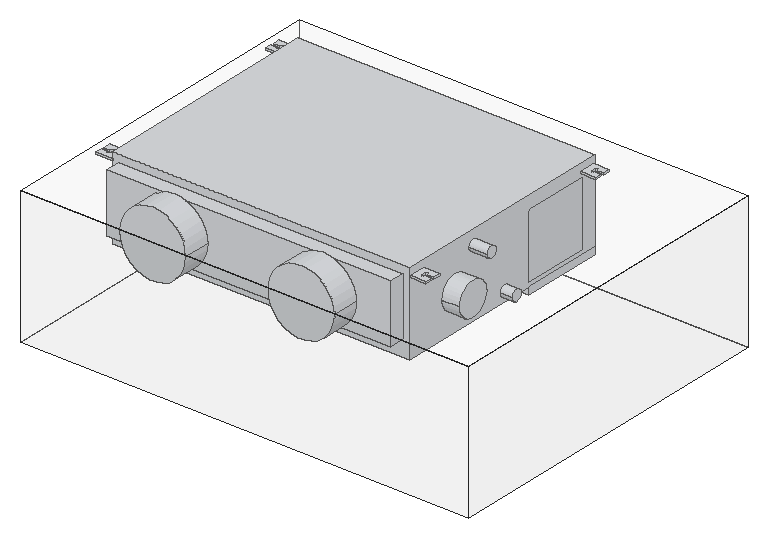
Revit family "pd-rp40_160ga21_50Hz", category 機械設備, Revit 2019
Family settings
  丸型コネクタ寸法 = 直径を使用
  パーツ タイプ = 標準
  OmniClass 番号 = 23.75.10.24.21.27.27
  OmniClass タイトル = Split System Air Conditioning Units
  作業面ベース = いいえ
  常に垂直 = はい
  ロード時にボイドで切り取り = いいえ
  共有 = いいえ
  部屋計算ポイント = はい
Parameters (values of type "PD-RP40GA21")
  騒音レベル（弱）(dB) = 52
  騒音レベル（中）(dB) = 55
  風量（弱）（m3／min） = 10
  風量（中）（m3／min） = 12
  風量（m3／min） = 14
  風量 = MAX風量  # 840.0 m³/h
  音響パワーレベル(dB) = 58
  電源種別 = ""
  電圧_電気ヒーター = 0 V
  電圧 = 200 V
  電動機出力_送風機 = 0.085 kW
  運転質量 = 0.00 kg
  連動 = ""
  質量 = if(製品質量 > 運転質量, 製品質量, 運転質量) * 1.2  # 34.80 kg
  負荷分類 = 3_ファン類
  説明 = "店舗・事務所用パッケージエアコン（Mr.SLIM） 天井ビルトイン形"
  設計暖房能力 [instance] = 0 kW
  設計冷房能力_顕熱 [instance] = 0 kW
  設計冷房能力 [instance] = 0 kW
  設置方法 = "天井吊（隠ぺい）形"
  記号 [instance] = ""
  製造元 = "三菱電機株式会社"
  製品質量 = 29.00 kg
  製品出荷対象 = "国内"
  製品リリース年月 = "2025/5/12"
  製品グループ = ""
  系統 [instance] = ""
  符号 = "PAC-CIS"
  積算_科目 = "1 空気調和設備"
  積算_拾い区分 [instance] = ""
  相_電気ヒーター = 1
  相 = 1
  盤記号 [instance] = ""
  発停方法 = ""
  特殊仕様 [instance] = ""
  火災停止 = ""
  消費電力_電気ヒーター = 0 kW
  消費電力_暖房 = 0.1 kW
  消費電力_加湿器 = 0 kW
  消費電力_冷房 = 0.1 kW
  消費電力 = if(消費電力_冷房 > 消費電力_暖房, 消費電力_冷房, 消費電力_暖房) + 消費電力_加湿器 + 消費電力_電気ヒーター  # 0.1 kW
  法定耐用年数 = "15"
  機外静圧 = 10.0 Pa
  極数 = 1
  材質 [instance] = ""
  有効加湿量 = 0
  暖房能力 = 4 kW
  形式_加湿器 = ""
  形式 = "天井吊（隠ぺい）形（片ダクト形）"
  幹線記号 [instance] = ""
  始動方式 = "直入"
  呼称 = "室内機_天井吊（隠ぺい）形（片ダクト形）"
  周波数 = 50 Hz
  台数_手元リモコン [instance] = ""
  台数_冷媒分岐ユニット [instance] = ""
  参照している仕様書等のバージョン = "公共建築工事標準仕様書（機械設備工事編）平成31年度版"
  加湿給水管径 = 0.00 mm
  分類コード = "50053003123050"
  分類グループ = ""
  冷房能力 = 3.6 kW
  冷媒高低圧ガス管径 = 0.00 mm
  冷媒管径符号 = "Ac"
  冷媒管径 = 100.00 mm
  冷媒液管径 = 6.35 mm
  冷媒ガス管径 = 12.70 mm
  価格 = 0
  企業コード = "108420"
  付属品_フィルター = ""
  付属品 [instance] = ""
  仕様書バージョン = "Version1.0"
  モデル = "PD-RP40GA21"
  パネル マテリアル = none
  ドレン管径 = 32.00 mm
  チャンバーボックス [instance] = yes
  ダクト高 = 178 mm
  ダクト幅 = 860 mm
  コメント [instance] = ""
  Keynote = ""
  Assembly Code = ""
  Width = 900 mm
  Version = ""
  Uniclass2015Version = "Systems v1.9"
  Uniclass2015Title = "Split coil remote air cooled condensing units"
  Uniclass2015Code = "Pr_70_65_03_84"
  URL = "https://www.mitsubishielectric.co.jp/ldg/wink/qr/002/338229/"
  SpecificationReference = ""
  SpecificationDescription = ""
  Revision = ""
  ProductInformation = ""
  OmniClassCode = "23-33 17 13 11"
  MIN風量 = 風量（弱）（m3／min） * 60.0 m³/h  # 600.0 m³/h
  MID風量 = 風量（中）（m3／min） * 60.0 m³/h  # 720.0 m³/h
  MAX風量 = 風量（m3／min） * 60.0 m³/h  # 840.0 m³/h
  IfcTypeProduct = ""
  IfcProduct = ""
  IfcExportType = "AIRCONDITIONINGUNIT"
  IfcExportAs = "IfcUnitaryEquipmentType"
  Height = 250 mm
  Depth = 701 mm
  Author = "三菱電機株式会社"
Types (9, lengths in mm): name | 騒音レベル（弱）(dB) | 騒音レベル（中）(dB) | 風量（弱）（m3／min） | 風量（中）（m3／min） | 風量（m3／min） | 風量 | 音響パワーレベル(dB) | 電動機出力_送風機 | 質量 | 製品質量 | 消費電力_暖房 | 消費電力_冷房 | 消費電力 | 暖房能力 | 冷房能力 | 冷媒管径符号 | 冷媒液管径 | 冷媒ガス管径 | モデル | ダクト幅 | Width | URL | MIN風量 | MID風量 | MAX風量
  PD-RP40GA21 | 52 | 55 | 10 | 12 | 14 | 840.0 m³/h | 58 | 0.085 kW | 34.80 kg | 29.00 kg | 0.1 kW | 0.1 kW | 0.1 kW | 4 kW | 3.6 kW | "Ac" | 6.35 | 12.70 | "PD-RP40GA21" | 860 | 900 | "https://www.mitsubishielectric.co.jp/ldg/wink/qr/002/338229/" | 600.0 m³/h | 720.0 m³/h | 840.0 m³/h
  PD-RP50GA21 | 53 | 55 | 10 | 12 | 14 | 840.0 m³/h | 59 | 0.085 kW | 34.80 kg | 29.00 kg | 0.1 kW | 0.1 kW | 0.1 kW | 5 kW | 4.5 kW | "Ac" | 6.35 | 12.70 | "PD-RP50GA21" | 860 | 900 | "https://www.mitsubishielectric.co.jp/ldg/wink/qr/002/338230/" | 600.0 m³/h | 720.0 m³/h | 840.0 m³/h
  PD-RP56GA21 | 53 | 56 | 10 | 12 | 14 | 840.0 m³/h | 59 | 0.085 kW | 34.80 kg | 29.00 kg | 0.1 kW | 0.1 kW | 0.1 kW | 5.6 kW | 5 kW | "Ac" | 6.35 | 12.70 | "PD-RP56GA21" | 860 | 900 | "https://www.mitsubishielectric.co.jp/ldg/wink/qr/002/338231/" | 600.0 m³/h | 720.0 m³/h | 840.0 m³/h
  PD-RP63GA21 | 54 | 57 | 13 | 16 | 19 | 1140.0 m³/h | 60 | 0.121 kW | 39.60 kg | 33.00 kg | 0.1 kW | 0.1 kW | 0.1 kW | 6.3 kW | 5.6 kW | "Ac" | 6.35 | 12.70 | "PD-RP63GA21" | 1060 | 1100 | "https://www.mitsubishielectric.co.jp/ldg/wink/qr/002/338232/" | 780.0 m³/h | 960.0 m³/h | 1140.0 m³/h
  PD-RP71GA21 | 55 | 57 | 13 | 16 | 19 | 1140.0 m³/h | 60 | 0.121 kW | 39.60 kg | 33.00 kg | 0.1 kW | 0.1 kW | 0.1 kW | 7 kW | 6.3 kW | "Bd" | 9.52 | 15.88 | "PD-RP71GA21" | 1060 | 1100 | "https://www.mitsubishielectric.co.jp/ldg/wink/qr/002/338233/" | 780.0 m³/h | 960.0 m³/h | 1140.0 m³/h
  PD-RP80GA21 | 56 | 57 | 13 | 16 | 19 | 1140.0 m³/h | 60 | 0.121 kW | 39.60 kg | 33.00 kg | 0.1 kW | 0.1 kW | 0.1 kW | 8 kW | 7.1 kW | "Bd" | 9.52 | 15.88 | "PD-RP80GA21" | 1060 | 1100 | "https://www.mitsubishielectric.co.jp/ldg/wink/qr/002/338234/" | 780.0 m³/h | 960.0 m³/h | 1140.0 m³/h
  PD-RP112GA21 | 59 | 60 | 20 | 24 | 28 | 1680.0 m³/h | 62 | 0.244 kW | 50.40 kg | 42.00 kg | 0.19 kW | 0.19 kW | 0.19 kW | 11.2 kW | 10 kW | "Bd" | 9.52 | 15.88 | "PD-RP112GA21" | 1360 | 1400 | "https://www.mitsubishielectric.co.jp/ldg/wink/qr/002/338235/" | 1200.0 m³/h | 1440.0 m³/h | 1680.0 m³/h
  PD-RP140GA21 | 61 | 62 | 22 | 26 | 31 | 1860.0 m³/h | 64 | 0.244 kW | 50.40 kg | 42.00 kg | 0.22 kW | 0.22 kW | 0.22 kW | 14 kW | 12.5 kW | "Bd" | 9.52 | 15.88 | "PD-RP140GA21" | 1360 | 1400 | "https://www.mitsubishielectric.co.jp/ldg/wink/qr/002/338236/" | 1320.0 m³/h | 1560.0 m³/h | 1860.0 m³/h
  PD-RP160GA21 | 63 | 65 | 24 | 29 | 34 | 2040.0 m³/h | 67 | 0.244 kW | 50.40 kg | 42.00 kg | 0.26 kW | 0.26 kW | 0.26 kW | 16 kW | 14 kW | "Bd" | 9.52 | 15.88 | "PD-RP160GA21" | 1360 | 1400 | "https://www.mitsubishielectric.co.jp/ldg/wink/qr/002/338237/" | 1440.0 m³/h | 1740.0 m³/h | 2040.0 m³/h
Reference planes
  plane 1 "中心(正面/背面)": y = 0
  plane 2: z = 0
  plane 3 "中心(左/右)": x = 0
  plane 4: y = 407.5
  plane 5: x = -490
  plane 6: x = 870
  plane 7: y = -650.5
  plane 8: y = -350.5
  plane 9: y = 350.5
  plane 10: x = -450
  plane 11: x = 450
  plane 12: z = 22
  plane 13: z = 272
  plane 14: z = 282
  plane 15: z = -130
Lines and regions (mm)
  symbolic lines, detail levels fine
    curve 1: line (-450, 350.5, 0) -> (450, 350.5, 0)
    curve 2: line (-450, -397.5, 0) -> (-450, 350.5, 0)
    curve 3: line (450, -397.5, 0) -> (-450, -397.5, 0)
    curve 4: line (450, 350.5, 0) -> (450, -397.5, 0)
Dimensions and locks
  "Width": plane 10 to plane 11
  locked: plane 8 to plane 7 at 300
  locked: plane 4 to plane 9 at 57
  equal spacing: plane 9, plane 1 "中心(正面/背面)", plane 8
  "Depth": plane 9 to plane 8
  equal spacing: plane 10, plane 3 "中心(左/右)", plane 11
  locked: plane 11 to plane 6 at 420
  locked: plane 5 to plane 10 at 40
  locked: plane 12 to plane 2 at 22
  "Height": plane 13 to plane 12
  locked: plane 14 to plane 13 at 10
  locked: plane 2 to plane 15 at 130
  aligned and locked: level to plane 2
  aligned and locked: plane 1 "中心(正面/背面)" to nested 1
  aligned and locked: plane 3 "中心(左/右)" to nested 1
  aligned and locked: plane 6 to nested 2
  aligned and locked: plane 5 to nested 2
  aligned and locked: plane 15 to nested 2
  aligned and locked: plane 14 to nested 2
  aligned and locked: nested 2 to plane 7
  aligned and locked: nested 2 to plane 4
Automatic sketch dimensions
  curve 3 to plane 8 = 47 mm
  curve 3 to plane 10 = 0 mm
  curve 3 to plane 11 = 0 mm
  curve 2 to plane 9 = 0 mm
Nested families
  nested 1: "PDFY-MP_GM" at (0, 0, 0), ①高さ <- "Height", ①幅 <- "Width", ①奥行き <- "Depth", ダクト幅 <- "ダクト幅", ダクト高 <- "ダクト高", type "PDFY-MP_GM"
    with 配管径 100 mm, 液径 9.52 mm, 液W 57 mm, 液H 122 mm, 液D 136 mm, 吊りボルトW 954 mm, 吊りボルトH 20 mm, 吊りボルトD 643 mm, 加湿器径 0 mm, 加湿器W 0 mm, 加湿器H 0 mm, 加湿器D 0 mm, ドレン径 32 mm, ドレンW 40 mm, ドレンH 217 mm, ドレンD 356 mm, ダクト高 178 mm, ダクト幅 860 mm, ダクト④ no, ダクト③ no, ダクト② yes, ダクト① yes, ガス径 15.88 mm, ガスW 78 mm, ガスH 33 mm, ガスD 67 mm, ①高さ 250 mm, ①幅 900 mm, ①奥行き 701 mm, G 320 mm, F 320 mm, E 450 mm, D 225 mm
  nested 2: "サービススペース" at (190, -121.5, 76), type "サービススペース"
    with Width 1360 mm, Height 412 mm, Depth 1058 mm
Connectors
  piping at (507, -181, 133.5), diameter 100, driven by "冷媒管径", driven by "冷媒管径符号"
    settings: on nested 1, index 5, connector inside diameter 609.60 mm, connector length 0 mm, flow factor 0, pipe flow 0.0 L/s, pressure drop 0.0 kPa, fitting loss kfactor 0, connector angle 0.00°, fixture units 0, engagement length 0 mm, angle of deflection 0.00°, flow configuration 1, flow direction 1, fitting loss method 4, system type 7, joint type 0, gender type 0, connector reference index -1, connector utility 0, adjustable connector no, is connector primary yes, connector description "Ac"
  piping at (490, 5.5, 55), diameter 32, driven by "ドレン管径"
    settings: on nested 1, index 6, connector inside diameter 609.60 mm, connector length 0 mm, flow factor 0, pipe flow 0.0 L/s, pressure drop 0.0 kPa, fitting loss kfactor 0, connector angle 0.00°, fixture units 0, engagement length 0 mm, angle of deflection 0.00°, flow configuration 1, flow direction 2, fitting loss method 4, system type 16, joint type 0, gender type 0, connector reference index -1, connector utility 0, adjustable connector no, is connector primary no, connector description ""
  electrical at (451, 200.5, 133), driven by "極数", driven by "負荷分類", driven by "電圧", driven by "消費電力"
    settings: on nested 1, index 7, voltage 200 V, apparent load 100 VA, apparent load phase1 0 VA, apparent load phase2 0 VA, apparent load phase3 0 VA, power factor 1, load classification "3_ファン類", number of poles 1, system type 30, power factor state 1, is connector primary yes, connector utility no, sub classification motor no, connector description ""
  hvac at (0, -397.5, 160), driven by "ダクト高", driven by "ダクト幅", driven by "機外静圧", driven by "風量"
    settings: on nested 1, index 8, duct flow 840.0 m³/h, flow factor 0, pres drop 10.0 Pa, loss coef 0, conn angle 0.00°, conn width 860 mm, conn height 178 mm, conn diameter 609.6 mm, duct sys type 29, conn prof type 1, flow config 0, flow direction 2, loss method 4, conn ref index -1, conn util no, is conn primary yes, conn desc ""
  piping at (508, -112.5, 231), diameter 32, driven by "ドレン管径"
    settings: on nested 1, index 9, connector inside diameter 609.60 mm, connector length 0 mm, flow factor 0, pipe flow 0.0 L/s, pressure drop 0.0 kPa, fitting loss kfactor 0, connector angle 0.00°, fixture units 0, engagement length 0 mm, angle of deflection 0.00°, flow configuration 1, flow direction 2, fitting loss method 4, system type 16, joint type 0, gender type 0, connector reference index -1, connector utility 0, adjustable connector no, is connector primary no, connector description ""
Definition of nested family "PDFY-MP_GM"
  Parameters (values of type "PDFY-MP_GM")
    加湿器径 [instance] = 0 mm
    加湿器W [instance] = 0 mm
    加湿器H [instance] = 0 mm
    加湿器D [instance] = 0 mm
    液径 [instance] = 9.52 mm
    吊りボルトW [instance] = ①幅 + 54 mm  # 754 mm
    吊りボルトH [instance] = 20 mm
    吊りボルトD [instance] = 643 mm  # constant formula
    配管径 [instance] = 100 mm  # constant formula
    液W [instance] = 57 mm  # constant formula
    液H [instance] = 122 mm  # constant formula
    液D [instance] = 136 mm  # constant formula
    ドレン径 [instance] = 32 mm  # constant formula
    ドレンW [instance] = 40 mm  # constant formula
    ドレンH [instance] = 217 mm  # constant formula
    ドレンD [instance] = 356 mm  # constant formula
    ダクト高 [instance] = 178 mm
    ダクト幅 [instance] = 660 mm
    ダクト④ [instance] = ①幅 > 1300 mm  # no
    ダクト③ [instance] = ①幅 > 1000 mm  # no
    ダクト② [instance] = yes
    ダクト① [instance] = yes
    ガス径 [instance] = 15.88 mm
    ガスW [instance] = 78 mm  # constant formula
    ガスH [instance] = 33 mm  # constant formula
    ガスD [instance] = 67 mm  # constant formula
    ①幅 [instance] = 700 mm
    ①高さ [instance] = 250 mm
    ①奥行き [instance] = 701 mm
    G [instance] = 320 mm  # constant formula
    F [instance] = 320 mm  # constant formula
    E [instance] = if(①幅 = 1400 mm, 320 mm, if(①幅 = 1100 mm, 320 mm, if(①幅 = 900 mm, 450 mm, 280 mm)))  # 280 mm
    D [instance] = if(①幅 = 1400 mm, 220 mm, if(①幅 = 1100 mm, 230 mm, if(①幅 = 900 mm, 225 mm, 210 mm)))  # 210 mm
  Reference planes
    plane 1 "中心(正面/背面)": y = 0
    plane 2: z = 0
    plane 3 "中心(左/右)": x = 0
    plane 4: x = -350
    plane 5: x = 350
    plane 6: y = 350.5
    plane 7: y = -350.5
    plane 8: z = 272
    plane 9: y = 317.5
    plane 10: y = -325.5
    plane 11: x = -377
    plane 12: x = 377
    plane 13: y = 421.5
    plane 14: z = 252
    plane 15: z = 247
    plane 16: y = -397.5
    plane 17: x = -330
    plane 18: y = -479.5
    plane 19: z = 71
    plane 20: z = 249
    plane 21: x = -400
    plane 22: x = 400
    plane 23: y = -300.5
    plane 24: y = 342.5
    plane 25: y = 292.5
    plane 26: x = -460
    plane 27: x = -140
    plane 28: x = 140
    plane 29: x = -780
    plane 30: z = 156
    plane 31: z = 22
    plane 32: y = 100.5
    plane 33: y = 5.5
    plane 34: y = -147.5
    plane 35: y = -214.5
    plane 36: y = -181
    plane 37: z = 150
    plane 38: z = 117
    plane 39: z = 133.5
    plane 40: x = 407
    plane 41: x = 390
    plane 42: z = 55
    plane 43: x = 351
    plane 44: z = 231
    plane 45: y = -112.5
    plane 46: x = 330
  Forms (mm)
    Extrusion 1, solid, detail levels fine
      sketch origin (0, 0, 0) x (1, 0, 0) y (0, 1, 0)
        loop
          line (-350, 350.5) -> (-350, -350.5) -> (350, -350.5) -> (350, 350.5) -> (-350, 350.5)
      from 22 to 272
    Extrusion 2, solid, detail levels fine
      sketch origin (0, 0, 0) x (1, 0, 0) y (0, 0, 1)
        loop
          line (330, 249) -> (-330, 249) -> (-330, 71) -> (330, 71) -> (330, 249)
      from 350.5 to 397.5
    Extrusion 3, solid, detail levels fine
      sketch origin (0, 0, 0) x (1, 0, 0) y (0, 1, 0)
        loop
          line (350, 342.5) -> (350, 292.5) -> (400, 292.5) -> (400, 312.5) -> (382, 312.5)
          arc (382, 312.5) -> (377, 307.5) -> (372, 312.5) r 5
          line (372, 312.5) -> (372, 322.5)
          arc (372, 322.5) -> (377, 327.5) -> (382, 322.5) r 5
          line (382, 322.5) -> (400, 322.5) -> (400, 342.5) -> (350, 342.5)
        loop
          line (400, -300.5) -> (350, -300.5) -> (350, -350.5) -> (400, -350.5) -> (400, -330.5) -> (382, -330.5)
          arc (382, -330.5) -> (377, -335.5) -> (372, -330.5) r 5
          line (372, -330.5) -> (372, -320.5)
          arc (372, -320.5) -> (377, -315.5) -> (382, -320.5) r 5
          line (382, -320.5) -> (400, -320.5) -> (400, -300.5)
        loop
          line (-400, 342.5) -> (-400, 322.5) -> (-382, 322.5)
          arc (-382, 322.5) -> (-377, 327.5) -> (-372, 322.5) r 5
          line (-372, 322.5) -> (-372, 312.5)
          arc (-372, 312.5) -> (-377, 307.5) -> (-382, 312.5) r 5
          line (-382, 312.5) -> (-400, 312.5) -> (-400, 292.5) -> (-350, 292.5) -> (-350, 342.5) -> (-400, 342.5)
        loop
          line (-400, -300.5) -> (-400, -320.5) -> (-382, -320.5)
          arc (-382, -320.5) -> (-377, -315.5) -> (-372, -320.5) r 5
          line (-372, -320.5) -> (-372, -330.5)
          arc (-372, -330.5) -> (-377, -335.5) -> (-382, -330.5) r 5
          line (-382, -330.5) -> (-400, -330.5) -> (-400, -350.5) -> (-350, -350.5) -> (-350, -300.5) -> (-400, -300.5)
      from 247 to 252
    Extrusion 4, solid, visible <- "ダクト①", detail levels fine
      sketch origin (0, 0, 0) x (1, 0, 0) y (0, 0, 1)
        loop
          circle (140, 156) r 100
      from 397.5 to 479.5
    Extrusion 5, solid, detail levels fine
      sketch origin (0, 0, 0) x (1, 0, 0) y (0, 1, 0)
        loop
          line (-350, 350.5) -> (-350, 100.5) -> (350, 100.5) -> (350, 350.5) -> (-350, 350.5)
      from 0 to 22
    Extrusion 6, solid, detail levels fine
      sketch origin (0, 0, 0) x (0, 1, 0) y (0, 0, 1)
        loop
          circle (-181, 133.5) r 50
      from 350 to 407
    Extrusion 7, solid, detail levels fine
      sketch origin (0, 0, 0) x (0, 1, 0) y (0, 0, 1)
        loop
          circle (5.5, 55) r 16
      from 350 to 390
    Extrusion 8, solid, detail levels fine
      sketch origin (0, 0, 0) x (0, 1, 0) y (0, 0, 1)
        loop
          line (100.5, 231) -> (100.5, 35) -> (300.5, 35) -> (300.5, 231) -> (100.5, 231)
      from 350 to 351
    Extrusion 9, solid, visible <- "ダクト②", detail levels fine
      sketch origin (-140, 0, 0) x (1, 0, 0) y (0, 0, 1)
        loop
          circle (0, 156) r 100
      from 397.5 to 479.5
    Extrusion 10, solid, visible <- "ダクト③", detail levels fine
      sketch origin (-280, 0, 0) x (1, 0, 0) y (0, 0, 1)
        loop
          circle (-180, 156) r 100
      from 397.5 to 479.5
    Extrusion 11, solid, visible <- "ダクト④", detail levels fine
      sketch origin (-420, 0, 0) x (1, 0, 0) y (0, 0, 1)
        loop
          circle (-360, 156) r 100
      from 397.5 to 479.5
    Extrusion 12, solid, detail levels coarse+medium
      sketch origin (0, 0, 0) x (1, 0, 0) y (0, 1, 0)
        loop
          line (-350, 350.5) -> (-350, -397.5) -> (350, -397.5) -> (350, 350.5) -> (-350, 350.5)
      from 22 to 272
    Extrusion 13, solid, detail levels fine
      sketch origin (350, 350.5, 0) x (0, -1, 0) y (0, 0, -1)
        loop
          circle (463, -231) r 16
      from 0 to 58
  Dimensions and locks
    equal spacing: plane 7, plane 1 "中心(正面/背面)", plane 6
    "①奥行き": plane 7 to plane 6
    equal spacing: plane 4, plane 3 "中心(左/右)", plane 5
    "①幅": plane 4 to plane 5
    equal spacing: plane 11, plane 3 "中心(左/右)", plane 12
    "吊りボルトW": plane 11 to plane 12
    locked: plane 8 to plane 14 at 20
    locked: plane 14 to plane 15 at 5
    "ダクト高": plane 20 to plane 19
    locked: plane 21 to plane 11 at 23
    locked: plane 12 to plane 22 at 23
    locked: plane 9 to plane 6 at 33
    "吊りボルトD": plane 10 to plane 9
    plane 25 to plane 9 to plane 24 = 25 mm locked, 25 mm locked
    plane 7 to plane 10 to plane 23 = 25 mm, 25 mm
    locked: plane 8 to plane 20 at 23
    locked: plane 16 to plane 7 at 47
    locked: plane 18 to plane 16 at 82
    "E": plane 27 to plane 28
    "F": plane 26 to plane 27
    "G": plane 29 to plane 26
    locked: plane 8 to plane 30 at 116
    locked: plane 31 to level at 22
    "①高さ": plane 8 to plane 31
    locked: plane 32 to plane 6 at 250
    "液D": plane 7 to plane 35
    "ドレンD": plane 7 to plane 33
    "ガスD": plane 35 to plane 34
    equal spacing: plane 35, plane 36, plane 34
    "液H": plane 8 to plane 37
    "ガスH": plane 37 to plane 38
    equal spacing: plane 37, plane 39, plane 38
    "液W": plane 5 to plane 40
    "ドレンW": plane 5 to plane 41
    "ドレンH": plane 8 to plane 42
    plane 8 to plane 42 = 217 mm
    locked: plane 5 to plane 43 at 1
    "D": plane 28 to plane 5
    equal spacing: plane 46, plane 3 "中心(左/右)", plane 17
    "ダクト幅": plane 46 to plane 17
    radius of Extrusion 4 sketch curve = 100 mm
    "配管径": diameter of Extrusion 6 sketch curve
    "ドレン径": diameter of Extrusion 7 sketch curve
    radius of Extrusion 9 sketch curve = 100 mm
    radius of Extrusion 10 sketch curve = 100 mm
    radius of Extrusion 11 sketch curve = 100 mm
    diameter of Extrusion 13 sketch curve = 32 mm
    aligned and locked: level to plane 2
    aligned and locked: plane 6 to Extrusion 1 sketch curve
    aligned and locked: plane 4 to Extrusion 1 sketch curve
    aligned and locked: Extrusion 1 sketch curve to plane 7
    aligned and locked: Extrusion 1 sketch curve to plane 5
    aligned and locked: plane 8 to Extrusion 1
    aligned and locked: plane 20 to Extrusion 2 sketch curve
    aligned and locked: Extrusion 2 sketch curve to plane 19
    aligned and locked: Extrusion 2 sketch curve to plane 17
    aligned and locked: plane 16 to Extrusion 2
    aligned and locked: Extrusion 2 to plane 7
    aligned and locked: plane 10 to nested 1
    aligned and locked: plane 11 to nested 1
    aligned and locked: plane 12 to nested 1
    aligned and locked: nested 1 to plane 9
    aligned and locked: plane 24 to Extrusion 3 sketch curve  (x2)
    aligned and locked: plane 5 to Extrusion 3 sketch curve
    aligned and locked: Extrusion 3 sketch curve to plane 25  (x2)
    aligned and locked: Extrusion 3 sketch curve to plane 22  (x2)
    aligned and locked: Extrusion 3 sketch curve to plane 23
    aligned and locked: plane 22 to Extrusion 3 sketch curve  (x2)
    aligned and locked: Extrusion 1 to Extrusion 3 sketch curve  (x2)
    aligned and locked: Extrusion 3 sketch curve to Extrusion 1  (x2)
    aligned and locked: plane 21 to Extrusion 3 sketch curve  (x4)
    aligned and locked: Extrusion 3 sketch curve to plane 4
    aligned and locked: plane 23 to Extrusion 3 sketch curve
    aligned and locked: plane 11 to Extrusion 3 sketch curve  (x4)
    aligned and locked: plane 12 to Extrusion 3 sketch curve  (x4)
    aligned and locked: plane 14 to Extrusion 3
    aligned and locked: Extrusion 3 to plane 15
    aligned and locked: plane 28 to Extrusion 4 sketch curve
    aligned and locked: plane 30 to Extrusion 4 sketch curve
    aligned and locked: plane 18 to Extrusion 4
    aligned and locked: Extrusion 4 to plane 16
    aligned and locked: Extrusion 1 to plane 31
    aligned and locked: Extrusion 5 sketch curve to Extrusion 1  (x2)
    aligned and locked: Extrusion 5 sketch curve to plane 32
    aligned and locked: Extrusion 5 sketch curve to plane 5
    aligned and locked: Extrusion 5 to Extrusion 1
    aligned and locked: plane 36 to Extrusion 6 sketch curve
    aligned and locked: plane 39 to Extrusion 6 sketch curve
    aligned and locked: Extrusion 6 to plane 5
    aligned and locked: plane 40 to Extrusion 6
    aligned and locked: plane 33 to Extrusion 7 sketch curve
    aligned and locked: plane 42 to Extrusion 7 sketch curve
    aligned and locked: plane 41 to Extrusion 7
    aligned and locked: Extrusion 7 to plane 5
    aligned and locked: plane 43 to Extrusion 8
    aligned and locked: Extrusion 8 to plane 5
    aligned and locked: plane 27 to Extrusion 9 sketch curve
    aligned and locked: plane 30 to Extrusion 9 sketch curve
    aligned and locked: plane 26 to Extrusion 10 sketch curve
    aligned and locked: plane 30 to Extrusion 10 sketch curve
    aligned and locked: plane 30 to Extrusion 11 sketch curve
    aligned and locked: plane 29 to Extrusion 11 sketch curve
    aligned and locked: plane 18 to Extrusion 11
    aligned and locked: Extrusion 11 to plane 16
    aligned and locked: plane 18 to Extrusion 10
    aligned and locked: Extrusion 10 to plane 16
    aligned and locked: Extrusion 9 to plane 16
    aligned and locked: plane 18 to Extrusion 9
    aligned and locked: plane 6 to Extrusion 12 sketch curve
    aligned and locked: Extrusion 12 sketch curve to plane 16
    aligned and locked: Extrusion 12 sketch curve to plane 5
    aligned and locked: plane 8 to Extrusion 12
    aligned and locked: Extrusion 1 to Extrusion 12
    aligned and locked: Extrusion 12 sketch curve to Extrusion 1
  Automatic sketch dimensions
    Extrusion 3 sketch curve to plane 11 = 5 mm  (x2)
    Extrusion 3 sketch curve to Extrusion 3 sketch curve = 5 mm
    Extrusion 3 sketch curve to plane 12 = 5 mm
    plane 10 to Extrusion 3 sketch curve = 5 mm  (x2)
    Extrusion 3 sketch curve to Extrusion 3 sketch curve = 0 mm  (x4)
    Extrusion 3 sketch curve to plane 10 = 5 mm  (x2)
    plane 9 to Extrusion 3 sketch curve = 5 mm  (x3)
    Extrusion 3 sketch curve to plane 9 = 5 mm  (x2)
    Extrusion 8 sketch curve to plane 32 = 0 mm
    Extrusion 8 sketch curve to plane 25 = 8 mm
    plane 31 to Extrusion 8 sketch curve = 13 mm
    Extrusion 8 sketch curve to plane 15 = 16 mm
    Extrusion 2 sketch curve to plane 5 = 20 mm
    Extrusion 12 to Extrusion 13 sketch curve = 41 mm
    Extrusion 12 to Extrusion 13 sketch curve = 285 mm
  Nested families
    nested 1: "固定点" at (-377, -325.5, 0), type "固定点", detail levels fine
      with W 754 mm, D 643 mm, 中心円 10 mm
  Definition of nested family "固定点"
    Parameters (values of type "固定点")
      中心円 = 20 mm
      W [instance] = 1000 mm
      D [instance] = 1000 mm
    Reference planes
      plane 1 "中心(正面/背面)": y = 0
      plane 2: z = 0
      plane 3 "中心(左/右)": x = 0
      plane 4: x = 1000
      plane 5: y = 1000
    Lines and regions (mm)
      symbolic lines, detail levels fine
        curve 1: circle (0, 1000, 0) r 10 normal (0, 0, 1)
        curve 2: circle (0, 0, 0) r 10 normal (0, 0, 1)
        curve 3: circle (1000, 1000, 0) r 10 normal (0, 0, 1)
        curve 4: circle (1000, 0, 0) r 10 normal (0, 0, 1)
        curve 5: line (-200, 1000, 0) -> (1200, 1000, 0)
        curve 6: line (-200, 0, 0) -> (1200, 0, 0)
        curve 7: line (0, 1200, 0) -> (0, -200, 0)
        curve 8: line (1000, 1200, 0) -> (1000, -200, 0)
    Dimensions and locks
      "W": plane 3 "中心(左/右)" to plane 4
      "D": plane 1 "中心(正面/背面)" to plane 5
      "中心円": diameter of curve 1
      "中心円": diameter of curve 2
      "中心円": diameter of curve 3
      "中心円": diameter of curve 4
      aligned and locked: level to plane 2
      aligned and locked: plane 5 to curve 1
      aligned and locked: plane 3 "中心(左/右)" to curve 1
      aligned and locked: plane 3 "中心(左/右)" to curve 2
      aligned and locked: plane 1 "中心(正面/背面)" to curve 2
      aligned and locked: plane 4 to curve 3
      aligned and locked: plane 5 to curve 3
      aligned and locked: plane 1 "中心(正面/背面)" to curve 4
      aligned and locked: plane 4 to curve 4
      aligned and locked: plane 1 "中心(正面/背面)" to curve 6
      aligned and locked: curve 7 to plane 3 "中心(左/右)"
      aligned and locked: curve 8 to plane 4
    Automatic sketch dimensions
      curve 5 to plane 5 = 0 mm
      curve 6 to plane 3 "中心(左/右)" = 200 mm
      curve 5 to plane 3 "中心(左/右)" = 200 mm
      curve 4 to curve 6 = 200 mm
      curve 3 to curve 5 = 200 mm
      plane 1 "中心(正面/背面)" to curve 8 = 200 mm
      plane 1 "中心(正面/背面)" to curve 7 = 200 mm
      curve 3 to curve 8 = 200 mm
      curve 1 to curve 7 = 200 mm
Definition of nested family "サービススペース"
  Parameters (values of type "サービススペース")
    Width [instance] = 500 mm
    Height [instance] = 500 mm
    Depth [instance] = 500 mm
  Reference planes
    plane 1 "中心(正面/背面)": y = 0
    plane 2: z = 0
    plane 3 "中心(左/右)": x = 0
    plane 4: y = -250
    plane 5: x = 250
    plane 6: y = 250
    plane 7: x = -250
    plane 8: z = 250
    plane 9: z = -250
  Forms (mm)
    Extrusion 1, solid
      sketch origin (-638.939, 0, 72.39) x (1, 0, 0) y (0, 1, 0)
        loop
          line (388.939, 250) -> (388.939, -250) -> (888.939, -250) -> (888.939, 250) -> (388.939, 250)
      from -322.39 to 177.61
  Lines and regions (mm)
    symbolic lines
      curve 1: line (-250, 0, 250) -> (250, 0, 250)
      curve 2: line (-250, 0, -250) -> (-250, 0, 250)
      curve 3: line (250, 0, -250) -> (-250, 0, -250)
      curve 4: line (250, 0, 250) -> (250, 0, -250)
      curve 5: line (0, -250, 250) -> (0, 250, 250)
      curve 6: line (0, -250, -250) -> (0, -250, 250)
      curve 7: line (0, 250, -250) -> (0, -250, -250)
      curve 8: line (0, 250, 250) -> (0, 250, -250)
      curve 9: line (-250, 250, 0) -> (250, 250, 0)
      curve 10: line (-250, -250, 0) -> (-250, 250, 0)
      curve 11: line (250, -250, 0) -> (-250, -250, 0)
      curve 12: line (250, 250, 0) -> (250, -250, 0)
  Dimensions and locks
    equal spacing: plane 7, plane 3 "中心(左/右)", plane 5
    equal spacing: plane 4, plane 1 "中心(正面/背面)", plane 6
    "Depth": plane 4 to plane 6
    "Width": plane 7 to plane 5
    equal spacing: plane 8, plane 2, plane 9
    "Height": plane 8 to plane 9
    aligned and locked: plane 9 to curve 3
    aligned and locked: plane 7 to curve 2
    aligned and locked: curve 4 to plane 5
    aligned and locked: plane 5 to Extrusion 1
    aligned and locked: Extrusion 1 to plane 7
    aligned and locked: Extrusion 1 to plane 9
    aligned and locked: plane 8 to Extrusion 1
    aligned and locked: plane 9 to curve 7
  Automatic sketch dimensions
    plane 4 to Extrusion 1 sketch curve = 0 mm
    Extrusion 1 sketch curve to plane 7 = 0 mm
    Extrusion 1 sketch curve to plane 5 = 0 mm
    plane 6 to Extrusion 1 sketch curve = 0 mm
    curve 2 to plane 8 = 0 mm
    plane 4 to curve 11 = 0 mm
    curve 11 to plane 7 = 0 mm
    curve 11 to plane 5 = 0 mm
    plane 6 to curve 10 = 0 mm
    curve 7 to plane 4 = 0 mm
    curve 7 to plane 6 = 0 mm
    curve 6 to plane 8 = 0 mm
